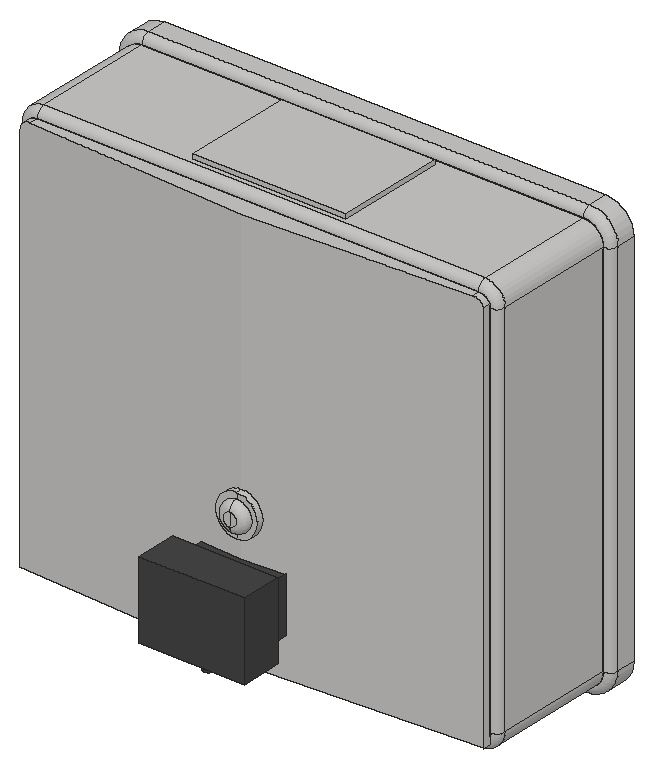
Revit family "Specialty Equipment_Soap Dispenser_Metlam_ML 603 BS", category Specialty Equipment, Revit 2014
Parameters (values of type "179w x 157h x 87d")
  URL = "http://www.metlam.com.au/"
  Type Comments = "Soap Dispensers"  # constant formula
  Switch Material = z_Metlam_Stainless Steel
  Nozzle Material = z_Metlam_Black ABS
  Manufacturer_URL__Product Specific = "http://metlam.com.au/product/content/soap-dispensers/ML603BS"
  Manufacturer_URL_Home Page = "http://www.metlam.com.au/"
  Manufacturer_Spec Code = Model  # "ML 603 BS"
  Manufacturer_Overall Width = 179 mm  # constant formula
  Manufacturer_Overall Height = 157 mm  # constant formula
  Manufacturer_Overall Depth = 87 mm  # constant formula
  Manufacturer_Height From FFL [instance] = 1000 mm
  ModifiedIssue_ANZRS = 20151029  # constant formula
  Model = "ML 603 BS"
  Manufacturer = "Metlam"  # constant formula
  Description = "Square Soap Dispenser - Button Pump Valve"  # constant formula
  CreatedBy_ANZRS = "IGS - BIM Solutions"  # constant formula
  CreatedByURL_ANZRS = "http://www.igsgroup.com.au/"
  Body Material = z_Metlam_Stainless Steel
  Assembly Code = "C1030200"
Reference planes
  plane 1 "Back": y = 0
  plane 2: z = 0
  plane 3 "Center (Left/Right)": x = 0
  plane 4 "Left": x = -89.5
  plane 5 "Right": x = 89.5
  plane 6 "Mounting Height": z = 1000
  plane 7 "Top": z = 1127
  plane 8 "Bottom": z = 970
  plane 9: z = 1025.018
  plane 10 "Front": y = -87
  plane 11 "Center (Front/Back)": y = -43.5
Forms (mm)
  Sweep 1, solid, material "z_Metlam_Stainless Steel" <- "Body Material"
    path origin (0, 0, 1270) x (1, 0, 0) y (0, 0, 1)
      loop
        arc (-79.5, -143) -> (-86.571, -145.929) -> (-89.5, -153) r 10
        line (-89.5, -153) -> (-89.5, -290)
        arc (-89.5, -290) -> (-86.571, -297.071) -> (-79.5, -300) r 10
        line (-79.5, -300) -> (79.5, -300)
        arc (79.5, -300) -> (86.571, -297.071) -> (89.5, -290) r 10
        line (89.5, -290) -> (89.5, -153)
        arc (89.5, -153) -> (86.571, -145.929) -> (79.5, -143) r 10
        line (79.5, -143) -> (-79.5, -143)
    profile origin (0, 0, 1127) x (0, 0, 1) y (0, -1, 0)
      loop
        line (0, 0) -> (0, 7)
        arc (0, 7) -> (-0.879, 9.121) -> (-3, 10) r 3
        line (-3, 10) -> (-3, 0) -> (0, 0)
  Extrusion 2, solid, material "z_Metlam_Stainless Steel" <- "Body Material"
    sketch origin (0, 0, 1000) x (-1, 0, 0) y (0, -1, 0)
      loop
        line (83.5, 57.199) -> (83.5, 59.986)
        arc (83.5, 59.986) -> (0.087, 64.557) -> (-83.306, 59.622) r 734.066
        line (-83.306, 59.622) -> (-83.306, 57.199) -> (83.5, 57.199)
    from -24 to 121
  Extrusion 3, solid, material "z_Metlam_Black ABS" <- "Nozzle Material"
    sketch origin (0, 0, 970) x (0, 1, 0) y (-1, 0, 0)
      loop
        circle (-79.5, 0) r 1.974
    from 11.069 to 16.045
  Extrusion 4, solid, material "z_Metlam_Stainless Steel" <- "Body Material"
    sketch origin (0, 0, 1172.5) x (1, 0, 0) y (0, 0, 1)
      loop
        line (79.5, -48.5) -> (-79.5, -48.5)
        arc (-79.5, -48.5) -> (-84.45, -50.55) -> (-86.5, -55.5) r 7
        line (-86.5, -55.5) -> (-86.5, -192.5)
        arc (-86.5, -192.5) -> (-84.45, -197.45) -> (-79.5, -199.5) r 7
        line (-79.5, -199.5) -> (79.5, -199.5)
        arc (79.5, -199.5) -> (84.45, -197.45) -> (86.5, -192.5) r 7
        line (86.5, -192.5) -> (86.5, -55.5)
        arc (86.5, -55.5) -> (84.45, -50.55) -> (79.5, -48.5) r 7
    from 0 to 10
  Sweep 5, solid, material "z_Metlam_Stainless Steel" <- "Body Material"
    path origin (0, -10, 1270) x (1, 0, 0) y (0, 0, 1)
      loop
        arc (-79.5, -146) -> (-84.45, -148.05) -> (-86.5, -153) r 7
        line (-86.5, -153) -> (-86.5, -290)
        arc (-86.5, -290) -> (-84.45, -294.95) -> (-79.5, -297) r 7
        line (-79.5, -297) -> (79.5, -297)
        arc (79.5, -297) -> (84.45, -294.95) -> (86.5, -290) r 7
        line (86.5, -290) -> (86.5, -153)
        arc (86.5, -153) -> (84.45, -148.05) -> (79.5, -146) r 7
        line (79.5, -146) -> (-79.5, -146)
    profile origin (0, -10, 1124) x (0, 0, 1) y (0, -1, 0)
      loop
        line (0, 0) -> (0, 44.199)
        arc (0, 44.199) -> (-0.879, 46.32) -> (-3, 47.199) r 3
        line (-3, 47.199) -> (-3, 0) -> (0, 0)
  Extrusion 6, solid, material "z_Metlam_Stainless Steel" <- "Body Material"
    sketch origin (0, 0, 1127) x (-1, 0, 0) y (0, -1, 0)
      loop
        line (27.5, 12.199) -> (27.5, 52.199) -> (-27.5, 52.199) -> (-27.5, 12.199) -> (27.5, 12.199)
    from -3 to -1.408
  Revolve 7, solid, material "z_Metlam_Stainless Steel" <- "Switch Material"
    sketch origin (0, 0, 0) x (0, 1, 0) y (0, 0, 1)
      loop
        line (-64.559, 1025.018) -> (-64.559, 1032.518) -> (-66.844, 1032.518) -> (-66.844, 1030.358)
        arc (-66.844, 1030.358) -> (-68.958, 1029.525) -> (-69.839, 1027.43) r 2.928
        line (-69.839, 1027.43) -> (-69.839, 1025.018) -> (-64.559, 1025.018)
      axis (-64.559, 1025.018) -> (-69.839, 1025.018)
    angle from 0 to 360
  Extrusion 8, solid, material "z_Metlam_Black ABS" <- "Nozzle Material"
    sketch origin (0, -87, 0) x (-1, 0, 0) y (0, 0, 1)
      loop
        line (15, 1010) -> (-15, 1010) -> (-15, 990) -> (15, 990) -> (15, 1010)
    from 15 to 23.629
  Extrusion 9, solid, material "z_Metlam_Black ABS" <- "Nozzle Material"
    sketch origin (0, -87, 0) x (-1, 0, 0) y (0, 0, 1)
      loop
        line (19, 1014) -> (-19, 1014) -> (-19, 986.045) -> (19, 986.045) -> (19, 1014)
    from 0 to 15
  Extrusion 10, solid, material "z_Metlam_Stainless Steel" <- "Body Material"
    sketch origin (0, -57.199, 0) x (-1, 0, 0) y (0, 0, 1)
      loop
        arc (-79.5, 1121) -> (-82.328, 1119.828) -> (-83.5, 1117) r 4
        line (-83.5, 1117) -> (-83.5, 980)
        arc (-83.5, 980) -> (-82.328, 977.172) -> (-79.5, 976) r 4
        line (-79.5, 976) -> (79.5, 976)
        arc (79.5, 976) -> (82.328, 977.172) -> (83.5, 980) r 4
        line (83.5, 980) -> (83.5, 1117)
        arc (83.5, 1117) -> (82.328, 1119.828) -> (79.5, 1121) r 4
        line (79.5, 1121) -> (-79.5, 1121)
    from 0 to 10
  Extrusion 11, void
    sketch origin (36.042, -87, 1148.656) x (1, 0, 0) y (0, 0, 1)
      loop
        line (-115.542, -27.656) -> (-119.542, -27.656) -> (-119.542, -31.656)
        arc (-119.542, -31.656) -> (-118.371, -28.828) -> (-115.542, -27.656) r 4
      loop
        arc (43.458, -27.656) -> (46.286, -28.828) -> (47.458, -31.656) r 4
        line (47.458, -31.656) -> (47.458, -27.656) -> (43.458, -27.656)
      loop
        line (43.458, -1142.656) -> (47.263, -1142.656) -> (47.263, -1139.887)
        arc (47.263, -1139.887) -> (45.811, -1141.891) -> (43.458, -1142.656) r 4
      loop
        arc (-115.542, -1142.656) -> (-117.896, -1141.891) -> (-119.348, -1139.887) r 4
        line (-119.348, -1139.887) -> (-119.348, -1142.656) -> (-115.542, -1142.656)
    from -31.008 to -26.181
Cuts and joins
  Extrusion 11 cuts Extrusion 2
Lines and regions (mm)
  Masking region 1
    outline origin (0, 0, 1127) x (-1, 0, 0) y (0, -1, 0)
      loop
        line (-89.5, 0) -> (89.5, 0) -> (89.5, 7.08)
        arc (89.5, 7.08) -> (88.653, 9.126) -> (86.607, 9.973) r 2.893
        line (86.607, 9.973) -> (86.607, 54.108)
        arc (86.607, 54.108) -> (85.697, 56.305) -> (83.5, 57.214) r 3.107
        line (83.5, 57.214) -> (83.5, 59.986)
        arc (83.5, 59.986) -> (49.302, 63.013) -> (15, 64.438) r 734.066
        line (15, 64.438) -> (15, 72) -> (19, 72) -> (19, 87) -> (-19, 87) -> (-19, 72) -> (-15, 72) -> (-15, 64.369)
        arc (-15, 64.369) -> (-49.208, 62.792) -> (-83.306, 59.622) r 734.066
        line (-83.306, 59.622) -> (-83.306, 57.22)
        arc (-83.306, 57.22) -> (-85.564, 56.285) -> (-86.5, 54.026) r 3.194
        line (-86.5, 54.026) -> (-86.5, 10)
        arc (-86.5, 10) -> (-88.621, 9.121) -> (-89.5, 7) r 3
        line (-89.5, 7) -> (-89.5, 0)
  Masking region 2
    outline origin (0, -87, 0) x (-1, 0, 0) y (0, 0, 1)
      loop
        arc (89.5, 1117) -> (86.571, 1124.071) -> (79.5, 1127) r 10
        line (79.5, 1127) -> (-79.5, 1127)
        arc (-79.5, 1127) -> (-86.571, 1124.071) -> (-89.5, 1117) r 10
        line (-89.5, 1117) -> (-89.5, 980)
        arc (-89.5, 980) -> (-86.571, 972.929) -> (-79.5, 970) r 10
        line (-79.5, 970) -> (79.5, 970)
        arc (79.5, 970) -> (86.571, 972.929) -> (89.5, 980) r 10
        line (89.5, 980) -> (89.5, 1117)
  Masking region 3
    outline origin (0, 0, 0) x (0, 1, 0) y (0, 0, 1)
      loop
        line (0, 970) -> (0, 1127) -> (-7.465, 1127)
        arc (-7.465, 1127) -> (-9.269, 1125.953) -> (-10, 1124) r 3.098
        line (-10, 1124) -> (-12.199, 1124) -> (-12.199, 1125.592) -> (-52.199, 1125.592) -> (-52.199, 1124) -> (-54.199, 1124)
        arc (-54.199, 1124) -> (-56.32, 1123.121) -> (-57.199, 1121) r 3
        line (-57.199, 1121) -> (-64.559, 1121) -> (-64.559, 1032.518) -> (-66.911, 1032.518) -> (-66.911, 1030.358)
        arc (-66.911, 1030.358) -> (-68.982, 1029.501) -> (-69.839, 1027.43) r 2.928
        line (-69.839, 1027.43) -> (-69.839, 1025.018) -> (-69.839, 1022.607)
        arc (-69.839, 1022.607) -> (-68.982, 1020.536) -> (-66.911, 1019.679) r 2.928
        line (-66.911, 1019.679) -> (-66.911, 1017.518) -> (-64.559, 1017.518) -> (-64.559, 1010) -> (-72, 1010) -> (-72, 1014) -> (-87, 1014) -> (-87, 986) -> (-81.474, 986) -> (-81.474, 981.069) -> (-77.526, 981.069) -> (-77.526, 986) -> (-72, 986) -> (-72, 990) -> (-64.559, 990) -> (-64.559, 976) -> (-57.199, 976)
        arc (-57.199, 976) -> (-56.32, 973.879) -> (-54.199, 973) r 3
        line (-54.199, 973) -> (-10, 973)
        arc (-10, 973) -> (-9.269, 971.047) -> (-7.465, 970) r 3.098
        line (-7.465, 970) -> (0, 970)
  symbolic lines, style "Bathroom Fixtures", detail levels medium+fine
    curve 1: line (-86.5, -10, 1127) -> (86.5, -10, 1127)
    curve 2: line (-83.496, -57.199, 1127) -> (83.306, -57.199, 1127)
    curve 17: line (-89.5, -10, 1124) -> (-89.5, -10, 973)
    curve 19: line (-89.5, -64.559, 1032.518) -> (-89.5, -64.559, 1017.518)
    curve 20: line (-89.5, -64.559, 1010) -> (-89.5, -64.559, 990)
    curve 21: line (-89.5, -72, 1010) -> (-89.5, -72, 990)
    curve 34: circle (0, -87, 1025.018) r 7.5 normal (0, -1, 0)
    curve 36: line (-19, -87, 1014) -> (-19, -87, 986)
    curve 37: line (19, -87, 1014) -> (-19, -87, 1014)
    curve 38: line (19, -87, 986) -> (19, -87, 1014)
    curve 39: line (-19, -87, 986) -> (19, -87, 986)
    curve 42: line (79.504, -87, 1121) -> (-79.504, -87, 1121)
    curve 43: arc (-83.5, -87, 1117.004) -> (-82.33, -87, 1119.83) -> (-79.504, -87, 1121) r 3.996
    curve 44: line (-83.5, -87, 1117.004) -> (-83.5, -87, 979.996)
    curve 45: arc (-79.504, -87, 976) -> (-82.33, -87, 977.17) -> (-83.5, -87, 979.996) r 3.996
    curve 46: line (-79.504, -87, 976) -> (79.504, -87, 976)
    curve 47: arc (83.5, -87, 979.996) -> (82.33, -87, 977.17) -> (79.504, -87, 976) r 3.996
    curve 48: line (83.5, -87, 979.996) -> (83.5, -87, 1117.004)
    curve 49: arc (79.504, -87, 1121) -> (82.33, -87, 1119.83) -> (83.5, -87, 1117.004) r 3.996
    curve 50: line (-89.5, -57.199, 1121) -> (-89.5, -57.199, 976)
    curve 53: spline (-9.165, -87, 1000) -> (-8.853, -87, 997.412) -> (-7.938, -87, 995) -> (-6.482, -87, 992.929) -> (-4.584, -87, 991.34) -> (-2.375, -87, 990.341) -> (-0.003, -87, 990) -> (2.368, -87, 990.341) -> (4.577, -87, 991.34) -> (6.475, -87, 992.929) -> (7.931, -87, 995) -> (8.846, -87, 997.412) -> (9.158, -87, 1000) -> (8.846, -87, 1002.588) -> (7.931, -87, 1005) -> (6.475, -87, 1007.071) -> (4.577, -87, 1008.66) -> (2.368, -87, 1009.659) -> (-0.003, -87, 1010) -> (-2.375, -87, 1009.659) -> (-4.584, -87, 1008.66) -> (-6.482, -87, 1007.071) -> (-7.938, -87, 1005) -> (-8.853, -87, 1002.588) -> (-9.165, -87, 1000)
  symbolic lines, style "Bathroom Fixtures", detail levels fine
    curve 3: circle (0, -79.5, 1127) r 1.974 normal (0, 0, 1)
    curve 4: line (-27.5, -12.199, 1127) -> (-27.5, -52.199, 1127)
    curve 5: line (-27.5, -52.199, 1127) -> (27.5, -52.199, 1127)
    curve 6: line (27.5, -52.199, 1127) -> (27.5, -12.199, 1127)
    curve 7: line (27.5, -12.199, 1127) -> (-27.5, -12.199, 1127)
    curve 8: line (-7.5, -66.844, 1127) -> (7.5, -66.844, 1127)
    curve 9: line (7.5, -66.844, 1127) -> (7.5, -64.502, 1127)
    curve 10: line (0, -69.845, 1127) -> (-2.031, -69.845, 1127)
    curve 11: arc (-2.031, -69.845, 1127) -> (-4.318, -68.99, 1127) -> (-5.484, -66.844, 1127) r 3.487
    curve 12: line (0, -69.845, 1127) -> (2.031, -69.845, 1127)
    curve 13: arc (2.031, -69.845, 1127) -> (4.318, -68.99, 1127) -> (5.484, -66.844, 1127) r 3.487
    curve 14: line (-7.5, -66.844, 1127) -> (-7.5, -64.536, 1127)
    curve 15: arc (-15, -64.438, 1127) -> (0, -64.557, 1127) -> (15, -64.369, 1127) r 734.066
    curve 16: line (-15, -72, 1127) -> (15, -72, 1127)
    curve 18: line (-89.5, -66.911, 1030.358) -> (-89.5, -66.911, 1019.679)
    curve 22: line (-89.5, -12.199, 1124) -> (-89.5, -52.199, 1124)
    curve 23: arc (-86.5, -87, 1117) -> (-84.45, -87, 1121.95) -> (-79.5, -87, 1124) r 7
    curve 24: line (79.5, -87, 1124) -> (-79.5, -87, 1124)
    curve 25: arc (79.5, -87, 1124) -> (84.45, -87, 1121.95) -> (86.5, -87, 1117) r 7
    curve 26: line (86.5, -87, 980) -> (86.5, -87, 1117)
    curve 27: arc (86.5, -87, 980) -> (84.45, -87, 975.05) -> (79.5, -87, 973) r 7
    curve 28: line (-79.5, -87, 973) -> (79.5, -87, 973)
    curve 29: arc (-79.5, -87, 973) -> (-84.45, -87, 975.05) -> (-86.5, -87, 980) r 7
    curve 30: line (-86.5, -87, 1117) -> (-86.5, -87, 980)
    curve 31: line (-27.5, -87, 1125.592) -> (-27.5, -87, 1124)
    curve 32: line (27.5, -87, 1125.592) -> (-27.5, -87, 1125.592)
    curve 33: line (27.5, -87, 1124) -> (27.5, -87, 1125.592)
    curve 35: circle (0, -87, 1025.018) r 5.339 normal (0, 1, 0)
    curve 40: line (-1.974, -87, 981.069) -> (1.974, -87, 981.069)
    curve 41: line (1.974, -87, 981.069) -> (1.974, -87, 986)
    curve 51: line (-1.974, -87, 981.069) -> (-1.974, -87, 986)
    curve 52: line (-89.5, -81.474, 986.045) -> (-89.5, -77.526, 986.045)
Text (mm)
  text "Disclaimer:\n\nDue to ongoing product development and manufacturing evolution, product details are subject to change without notice.\n\nPlease refer to product technical data sheets on www.metlam.com.au for the most current product information.\n\nPlease allow a +/- 5mm tolerance for dimensions and set-outs shown in product literature.\n\n© Metlam 2015" at (248.602, 129.197, 0), in view "Ref. Level_Instruction"
Dimensions and locks
  "Manufacturer_Overall Width": plane 4 "Left" to plane 5 "Right"
  locked: plane 4 "Left" to Extrusion 2 sketch curve at 6
  locked: Extrusion 2 sketch curve to plane 5 "Right" at 6.194
  locked: plane 6 "Mounting Height" to plane 9 at 25.018
  "Manufacturer_Overall Depth": plane 10 "Front" to plane 1 "Back"
  locked: plane 8 "Bottom" to plane 6 "Mounting Height" at 30
  "Manufacturer_Height From FFL": plane 6 "Mounting Height" to level
  Extrusion 9 sketch curve to Extrusion 9 sketch curve = 38 mm
  Extrusion 9 sketch curve to Extrusion 9 sketch curve = 27.955 mm
  "Manufacturer_Overall Height": plane 7 "Top" to plane 8 "Bottom"
  equal spacing: plane 4 "Left", plane 3 "Center (Left/Right)", plane 5 "Right"
  equal spacing: plane 10 "Front", plane 11 "Center (Front/Back)", plane 1 "Back"
  aligned and locked: level to plane 2
  aligned and locked: Masking region 1 sketch curve to Sweep 1
  aligned and locked: Masking region 1 sketch curve to plane 4 "Left"
  aligned and locked: curve 3 to Extrusion 3
  aligned and locked: curve 4 to Extrusion 6
  aligned and locked: curve 5 to Extrusion 6
  aligned and locked: curve 6 to Extrusion 6
  aligned and locked: curve 7 to Extrusion 6
  aligned and locked: Masking region 2 sketch curve to Sweep 1  (x4)
  aligned and locked: plane 9 to Revolve 7 sketch curve
  aligned and locked: Revolve 7 sketch curve to Masking region 3  (x2)
  aligned and locked: Revolve 7 sketch curve to plane 9
  aligned and locked: Extrusion 6 to Masking region 3 sketch curve
  aligned and locked: Masking region 3 sketch curve to Extrusion 6  (x2)
  aligned and locked: curve 17 to Sweep 5
  aligned and locked: curve 18 to Masking region 3
  aligned and locked: Masking region 3 to curve 18
  aligned and locked: curve 19 to Masking region 3
  aligned and locked: Masking region 3 to curve 19
  aligned and locked: curve 22 to Extrusion 6  (x2)
  aligned and locked: curve 23 to Sweep 5
  aligned and locked: curve 25 to Sweep 5
  aligned and locked: curve 27 to Sweep 5
  aligned and locked: curve 29 to Sweep 5
  aligned and locked: curve 31 to Extrusion 6
  aligned and locked: curve 32 to Extrusion 6
  aligned and locked: Extrusion 6 to curve 33
  aligned and locked: curve 34 to Revolve 7
  aligned and locked: curve 35 to Revolve 7
  aligned and locked: Extrusion 3 to curve 40
  aligned and locked: profile plane to Sweep 1 sketch curve
  aligned and locked: plane 7 "Top" to Sweep 1 sketch curve
  aligned and locked: plane 8 "Bottom" to Sweep 1 sketch curve
  aligned and locked: Extrusion 8 to Extrusion 9
  aligned and locked: Sweep 1 to Extrusion 6
  aligned and locked: Extrusion 2 to Sweep 5  (x2)
  aligned and locked: Extrusion 3 to Extrusion 9
Automatic sketch dimensions
  Sweep 1 sketch curve to plane 4 "Left" = 0 mm
  Sweep 1 sketch curve to plane 5 "Right" = 0 mm
  plane 4 "Left" to Sweep 1 sketch curve = 10 mm
  Sweep 1 sketch curve to Sweep 1 sketch curve = 10 mm
  Sweep 1 sketch curve to plane 5 "Right" = 10 mm  (x2)
  Sweep 1 sketch curve to profile plane = 0 mm
  Sweep 1 sketch curve to Sweep 1 sketch curve = 3 mm  (x2)
  Sweep 1 sketch curve to Sweep 1 sketch curve = 7 mm
  Sweep 1 sketch curve to Sweep 1 sketch curve = 0 mm
  Extrusion 2 sketch curve to plane 3 "Center (Left/Right)" = 1.69 mm
  Extrusion 2 sketch curve to plane 1 "Back" = 669.506 mm
  Extrusion 2 sketch curve to plane 11 "Center (Front/Back)" = 13.699 mm
  Extrusion 2 sketch curve to Extrusion 2 sketch curve = 2.423 mm
  Extrusion 3 sketch curve to plane 3 "Center (Left/Right)" = 0 mm
  plane 10 "Front" to Extrusion 3 sketch curve = 7.5 mm
  plane 4 "Left" to Extrusion 4 sketch curve = 3 mm
  plane 7 "Top" to Extrusion 4 sketch curve = 3 mm
  Extrusion 4 sketch curve to Extrusion 4 sketch curve = 7 mm  (x2)
  plane 8 "Bottom" to Extrusion 4 sketch curve = 3 mm
  Extrusion 4 sketch curve to plane 5 "Right" = 10 mm  (x2)
  Extrusion 4 sketch curve to plane 5 "Right" = 3 mm
  plane 4 "Left" to Sweep 5 sketch curve = 3 mm
  plane 8 "Bottom" to Sweep 5 sketch curve = 3 mm
  Sweep 5 sketch curve to Sweep 5 sketch curve = 7 mm  (x2)
  Sweep 5 sketch curve to plane 5 "Right" = 10 mm  (x2)
  Sweep 5 sketch curve to plane 5 "Right" = 3 mm
  plane 7 "Top" to Sweep 5 sketch curve = 10 mm
  Sweep 5 sketch curve to profile plane = 0 mm
  profile plane to Sweep 5 sketch curve = 0 mm
  profile plane to Sweep 5 sketch curve = 3 mm
  profile plane to Sweep 5 sketch curve = 44.199 mm
  plane 1 "Back" to Extrusion 6 sketch curve = 12.199 mm
  plane 3 "Center (Left/Right)" to Extrusion 6 sketch curve = 27.5 mm
  Extrusion 6 sketch curve to plane 11 "Center (Front/Back)" = 8.699 mm
  Extrusion 6 sketch curve to plane 3 "Center (Left/Right)" = 27.5 mm
  Masking region 1 sketch curve to Masking region 1 sketch curve = 0 mm  (x2)
  Masking region 1 sketch curve to plane 5 "Right" = 0 mm  (x2)
  Masking region 1 sketch curve to plane 10 "Front" = 0 mm
  Masking region 1 sketch curve to plane 5 "Right" = 3 mm
  Masking region 1 sketch curve to Masking region 1 sketch curve = 3.194 mm
  plane 3 "Center (Left/Right)" to Masking region 1 sketch curve = 19 mm
  Masking region 1 sketch curve to Masking region 1 sketch curve = 4 mm  (x2)
  Masking region 1 sketch curve to plane 3 "Center (Left/Right)" = 1.69 mm
  Masking region 1 sketch curve to plane 3 "Center (Left/Right)" = 15 mm
  plane 4 "Left" to Masking region 1 sketch curve = 6 mm
  Masking region 1 sketch curve to Masking region 1 sketch curve = 2.893 mm
  Masking region 1 sketch curve to plane 1 "Back" = 669.506 mm
  plane 1 "Back" to Masking region 1 sketch curve = 7 mm
  plane 1 "Back" to Masking region 1 sketch curve = 7.08 mm
  Masking region 1 sketch curve to plane 11 "Center (Front/Back)" = 10.526 mm
  Masking region 1 sketch curve to plane 11 "Center (Front/Back)" = 10.608 mm
  Masking region 1 sketch curve to Masking region 1 sketch curve = 2.401 mm
  Masking region 1 sketch curve to Masking region 1 sketch curve = 2.772 mm
  Masking region 1 sketch curve to Masking region 1 sketch curve = 7.562 mm
  Masking region 1 sketch curve to Masking region 1 sketch curve = 7.631 mm
  Masking region 3 sketch curve to plane 10 "Front" = 0 mm
  Masking region 3 sketch curve to plane 8 "Bottom" = 0 mm
  plane 7 "Top" to Masking region 3 sketch curve = 0 mm
  Masking region 3 sketch curve to plane 1 "Back" = 0 mm
  plane 10 "Front" to Masking region 3 sketch curve = 5.526 mm
  Masking region 3 sketch curve to Masking region 3 sketch curve = 3.949 mm
  Masking region 3 sketch curve to Masking region 3 sketch curve = 5.526 mm
  Masking region 3 sketch curve to Masking region 3 sketch curve = 15 mm
  Masking region 3 sketch curve to Masking region 3 sketch curve = 2.161 mm
  Masking region 3 sketch curve to Masking region 3 sketch curve = 2.928 mm  (x2)
  Masking region 3 sketch curve to Masking region 3 sketch curve = 7.441 mm  (x2)
  Masking region 3 sketch curve to Masking region 3 sketch curve = 2.352 mm
  Masking region 3 sketch curve to Masking region 3 sketch curve = 5 mm
  Masking region 3 sketch curve to Masking region 3 sketch curve = 7.36 mm
  Masking region 3 sketch curve to Masking region 3 sketch curve = 3 mm  (x2)
  plane 8 "Bottom" to Masking region 3 sketch curve = 3 mm
  plane 1 "Back" to Masking region 3 sketch curve = 10 mm
  Masking region 3 sketch curve to Masking region 3 sketch curve = 2.199 mm
  Masking region 3 sketch curve to Masking region 3 sketch curve = 2.535 mm  (x2)
  plane 8 "Bottom" to Masking region 3 sketch curve = 3.046 mm
  plane 7 "Top" to Masking region 3 sketch curve = 3.046 mm
  Masking region 3 sketch curve to Masking region 3 sketch curve = 0.562 mm
  plane 8 "Bottom" to Masking region 3 sketch curve = 11.069 mm
  Masking region 3 sketch curve to Masking region 3 sketch curve = 4.931 mm  (x2)
  Masking region 3 sketch curve to Masking region 3 sketch curve = 4 mm
  Masking region 3 sketch curve to plane 6 "Mounting Height" = 10 mm
  Masking region 3 sketch curve to plane 6 "Mounting Height" = 14 mm
  Masking region 3 sketch curve to Masking region 3 sketch curve = 3.518 mm
  Masking region 3 sketch curve to Masking region 3 sketch curve = 2.16 mm  (x2)
  Masking region 3 sketch curve to Masking region 3 sketch curve = 2.412 mm  (x2)
  plane 7 "Top" to Masking region 3 sketch curve = 6 mm
  Revolve 7 sketch curve to Revolve 7 sketch curve = 0.067 mm
  Revolve 7 sketch curve to Revolve 7 sketch curve = 2.285 mm
  Revolve 7 sketch curve to Revolve 7 sketch curve = 7.686 mm
  Revolve 7 sketch curve to Revolve 7 sketch curve = 4.573 mm
  plane 3 "Center (Left/Right)" to Extrusion 8 sketch curve = 15 mm
  Extrusion 8 sketch curve to plane 3 "Center (Left/Right)" = 15 mm
  plane 6 "Mounting Height" to Extrusion 8 sketch curve = 10 mm
  Extrusion 8 sketch curve to plane 6 "Mounting Height" = 10 mm
  plane 3 "Center (Left/Right)" to Extrusion 9 sketch curve = 19 mm
  Extrusion 9 sketch curve to plane 3 "Center (Left/Right)" = 19 mm
  plane 6 "Mounting Height" to Extrusion 9 sketch curve = 13.955 mm
  Extrusion 9 sketch curve to plane 6 "Mounting Height" = 14 mm
  Extrusion 10 sketch curve to plane 5 "Right" = 6 mm
  Extrusion 10 sketch curve to Extrusion 10 sketch curve = 4 mm  (x3)
  plane 4 "Left" to Extrusion 10 sketch curve = 10 mm  (x2)
  plane 8 "Bottom" to Extrusion 10 sketch curve = 6 mm
  plane 7 "Top" to Extrusion 10 sketch curve = 10 mm
  plane 4 "Left" to Extrusion 11 sketch curve = 6 mm
  plane 4 "Left" to Extrusion 11 sketch curve = 6.194 mm
  Extrusion 11 sketch curve to Extrusion 11 sketch curve = 4 mm  (x6)
  Extrusion 11 sketch curve to Extrusion 11 sketch curve = 3.806 mm  (x2)
  Extrusion 11 sketch curve to plane 5 "Right" = 10 mm  (x2)
  level to Extrusion 11 sketch curve = 6 mm  (x2)
  Extrusion 11 sketch curve to Extrusion 11 sketch curve = 2.769 mm  (x2)
  plane 7 "Top" to Extrusion 11 sketch curve = 10 mm  (x2)
  Extrusion 11 sketch curve to Extrusion 11 sketch curve = 0 mm  (x8)
  curve 12 to plane 3 "Center (Left/Right)" = 0 mm
  plane 3 "Center (Left/Right)" to curve 13 = 2.031 mm
  curve 9 to curve 13 = 5.469 mm
  curve 5 to plane 11 "Center (Front/Back)" = 8.699 mm
  curve 5 to curve 9 = 20 mm
  curve 15 to plane 3 "Center (Left/Right)" = 1.69 mm
  curve 11 to plane 3 "Center (Left/Right)" = 2.031 mm
  curve 11 to curve 14 = 5.469 mm
  curve 14 to curve 5 = 20 mm
  plane 1 "Back" to curve 6 = 12.199 mm
  curve 15 to plane 1 "Back" = 669.506 mm
  curve 11 to curve 3 = 13.142 mm
  curve 11 to curve 13 = 0 mm
  curve 11 to curve 8 = 0.485 mm
  curve 13 to curve 12 = 3.487 mm
  curve 16 to curve 8 = 7.5 mm
  curve 15 to curve 9 = 7.5 mm
  curve 2 to plane 5 "Right" = 6.194 mm
  curve 1 to plane 5 "Right" = 3 mm
  curve 14 to curve 15 = 7.5 mm
  curve 16 to curve 15 = 0 mm
  plane 4 "Left" to curve 2 = 6.004 mm
  plane 4 "Left" to curve 1 = 3 mm
  plane 1 "Back" to curve 1 = 10 mm
  curve 2 to plane 11 "Center (Front/Back)" = 13.699 mm
  curve 15 to curve 8 = 2.474 mm
  curve 15 to curve 16 = 7.562 mm
  curve 21 to curve 19 = 7.441 mm
  curve 52 to curve 21 = 5.526 mm
  curve 52 to curve 52 = 3.949 mm
  curve 21 to curve 20 = 7.441 mm
  plane 7 "Top" to curve 50 = 6 mm
  curve 50 to plane 11 "Center (Front/Back)" = 13.699 mm
  curve 50 to curve 22 = 5 mm
  curve 18 to curve 18 = 10.68 mm
  curve 19 to curve 18 = 2.16 mm
  curve 21 to plane 6 "Mounting Height" = 10 mm
  curve 21 to curve 20 = 0 mm  (x2)
  plane 6 "Mounting Height" to curve 21 = 10 mm
  curve 52 to curve 21 = 3.955 mm
  plane 8 "Bottom" to curve 50 = 6 mm
  plane 8 "Bottom" to curve 17 = 3 mm
  curve 22 to curve 17 = 0 mm
  curve 34 to curve 35 = 0 mm  (x3)
  curve 34 to plane 3 "Center (Left/Right)" = 0 mm
  curve 53 to plane 6 "Mounting Height" = 0 mm
  curve 26 to curve 48 = 3 mm
  curve 47 to curve 27 = 0.004 mm
  curve 42 to curve 24 = 0.004 mm
  plane 7 "Top" to curve 33 = 1.408 mm
  plane 3 "Center (Left/Right)" to curve 33 = 27.5 mm
  plane 3 "Center (Left/Right)" to curve 37 = 19 mm
  plane 3 "Center (Left/Right)" to curve 41 = 1.974 mm
  curve 51 to plane 3 "Center (Left/Right)" = 1.974 mm
  curve 32 to plane 3 "Center (Left/Right)" = 27.5 mm
  curve 23 to curve 42 = 0.004 mm
  curve 29 to curve 45 = 0.004 mm
  curve 44 to curve 29 = 3 mm
  curve 27 to curve 46 = 3 mm
  plane 8 "Bottom" to curve 41 = 11.069 mm
  plane 6 "Mounting Height" to curve 39 = 14 mm
  curve 23 to curve 43 = 0.004 mm
  curve 53 to plane 3 "Center (Left/Right)" = 0.003 mm
  curve 53 to curve 53 = 9.162 mm
  curve 53 to curve 37 = 9.835 mm
  curve 38 to plane 6 "Mounting Height" = 14 mm
  curve 36 to curve 34 = 11.018 mm
  radius of Extrusion 3 sketch curve = 1.974 mm
  radius of curve 34 = 7.5 mm
  radius of curve 35 = 5.339 mm
